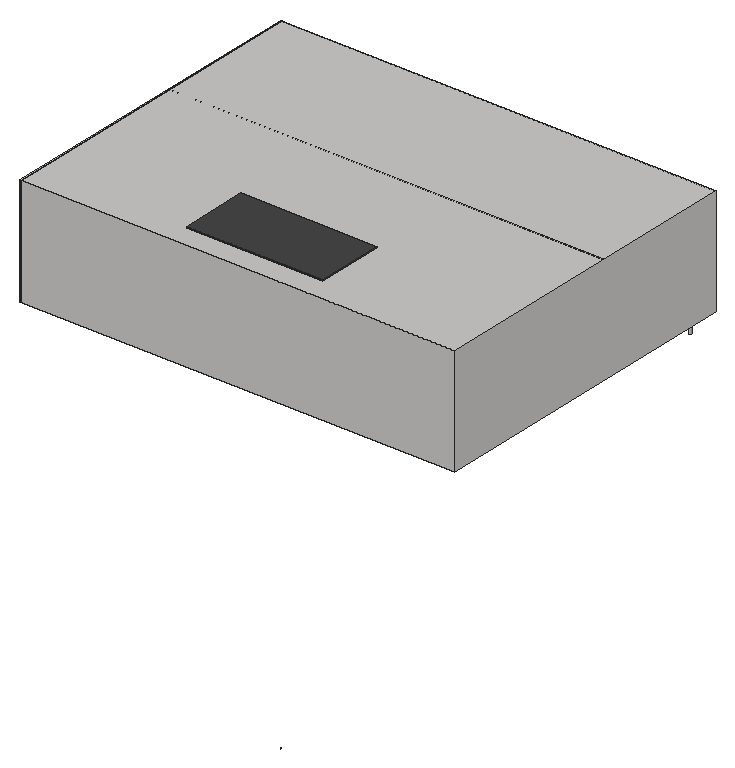
Revit family "QF_ELECTROLUXPROFESSIONAL_643321_DK1216", category Specialty Equipment, Revit 2014
Reference planes
  plane 1: z = 0
  plane 2 "Center (Left/Right)": x = 150
  plane 3 "LEFT": x = -650
  plane 4 "RIGHT": x = 950
  plane 5 "BACK": y = 550
  plane 6 "TOP": z = 2400
  plane 7 "Base": z = 2000
  plane 8: z = 1970
  plane 9 "DrainY": y = 450
  plane 10: x = -647
  plane 11: y = -320
  plane 12: y = -570
  plane 13 "DrainX": x = 937
  plane 14 "AOLeft2": x = 400
  plane 15: x = 947
  plane 16: x = -450
  plane 17: x = 750
  plane 18 "Center (Front/Back)": y = -50
  plane 19 "Front": y = -650
  plane 20 "AOLeft1": x = -100
Forms (mm)
  Extrusion 1, solid, material "QF_Finishes_Stainless Steel"
    sketch origin (-650, 0, 360) x (0, 1, 0) y (0, 0, 1)
      loop
        line (550, 1640) -> (550, 2040) -> (-650, 2040) -> (-650, 1640) -> (550, 1640)
    from 0 to 3
  Extrusion 2, solid, material "QF_Finishes_Stainless Steel"
    sketch origin (950, 0, 360) x (0, 1, 0) y (0, 0, 1)
      loop
        line (550, 1640) -> (550, 2040) -> (-650, 2040) -> (-650, 1640) -> (550, 1640)
    from 0 to -3
  Extrusion 3, solid, material "QF_Finishes_Stainless Steel"
    sketch origin (150, 0, 360) x (0, 1, 0) y (0, 0, 1)
      loop
        line (-650, 2040) -> (-650, 1640) -> (-640, 1640) -> (-640, 1640.8) -> (-649.2, 1640.8) -> (-649.2, 2039.19) -> (549.2, 2039.19) -> (549.2, 1640.8) -> (540, 1640.8) -> (540, 1640) -> (550, 1640) -> (550, 2040) -> (-650, 2040)
    from -800 to 800
  Extrusion 4, solid, material "QF_Finishes_Stainless Steel"
    sketch origin (0, 0, 2000) x (0, 1, 0) y (-1, 0, 0)
      loop
        circle (450, -937) r 4.763
    from -30 to 0
  Extrusion 5, solid, material "QF_Finishes_Black"
    sketch origin (0, 0, 2400) x (0, 1, 0) y (-1, 0, 0)
      loop
        line (-320, -400) -> (-320, 100) -> (-570, 100) -> (-570, -400) -> (-320, -400)
    from 5 to 0
  Extrusion 6, solid, material "QF_Finishes_Stainless Steel"
    sketch origin (0, 0, 0) x (1, 0, 0) y (0, 1, 0)
      loop
        line (-650, 550) -> (-650, 549) -> (-649, 549) -> (-649, 550) -> (-650, 550)
    from 0 to 1
  Sweep 7, solid, material "QF_Finishes_Stainless Steel"
    path origin (0, 0, 0) x (1, 0, 0) y (0, 1, 0)
      loop
        line (950, 550) -> (-650, 550) -> (-650, -650) -> (950, -650) -> (950, 550)
    profile origin (950, -50, 0) x (1, 0, 0) y (0, 0, 1)
      loop
        line (-3, 2000) -> (-3, 2000.8) -> (-19, 2000.8) -> (-19, 2010) -> (-20, 2010) -> (-20, 2000) -> (-3, 2000)
  Extrusion 8, solid, material "QF_Finishes_Stainless Steel"
    sketch origin (150, 0, 0) x (0, 1, 0) y (0, 0, 1)
      loop
        line (35, 2399.19) -> (34.2, 2399.19) -> (34.2, 2329.838) -> (-320.309, 2254.485) -> (-614.003, 2066.672) -> (-614.003, 2000.8) -> (-613.203, 2000.8) -> (-613.203, 2066.234) -> (-320, 2253.732) -> (35, 2329.19) -> (35, 2399.19)
    from -797 to 797
Cuts and joins
  joined: Extrusion 2, Extrusion 3, Sweep 7
Lines and regions (mm)
  symbolic lines, style "SpecialityEquipment", detail levels coarse
    curve 1: line (950, 550, 2400) -> (-650, 550, 2400)
    curve 2: line (-650, 550, 2400) -> (-650, -650, 2400)
    curve 3: line (950, -650, 2400) -> (950, 550, 2400)
    curve 4: line (-650, 550, 0) -> (950, -650, 0)
    curve 5: line (950, 550, 0) -> (-650, -650, 0)
    curve 6: line (-650, -650, 0) -> (950, -650, 0)
  symbolic lines, detail levels coarse
    curve 7: line (-100, -570, 0) -> (400, -570, 0)
    curve 8: line (-100, -320, 0) -> (-100, -570, 0)
    curve 9: line (400, -320, 0) -> (-100, -320, 0)
    curve 10: line (400, -570, 0) -> (400, -320, 0)
Dimensions and locks
  plane 3 "LEFT" to plane 4 "RIGHT" = 1600 mm
  equal spacing: plane 3 "LEFT", plane 2 "Center (Left/Right)", plane 4 "RIGHT"
  plane 7 "Base" to plane 8 = 30 mm
  plane 5 "BACK" to plane 9 "DrainY" = 100 mm  (x2)
  plane 3 "LEFT" to plane 10 = 3 mm
  plane 13 "DrainX" to plane 4 "RIGHT" = 13 mm
  plane 15 to plane 4 "RIGHT" = 3 mm
  plane 3 "LEFT" to plane 16 = 200 mm
  plane 17 to plane 4 "RIGHT" = 200 mm
  locked: plane 7 "Base" to level at 2000
  locked: plane 6 "TOP" to plane 7 "Base" at 400
  plane 5 "BACK" to plane 19 "Front" = 1200 mm  (x2)
  equal spacing: plane 5 "BACK", plane 18 "Center (Front/Back)", plane 19 "Front"
  plane 12 to plane 19 "Front" = 80 mm
  locked: plane 11 to plane 12 at 250
  locked: plane 20 "AOLeft1" to plane 14 "AOLeft2" at 500
  equal spacing: plane 20 "AOLeft1", plane 2 "Center (Left/Right)", plane 14 "AOLeft2"
  aligned and locked: level to plane 1
  aligned and locked: plane 4 "RIGHT" to Extrusion 3
  aligned and locked: Extrusion 3 to plane 3 "LEFT"
  aligned and locked: Extrusion 5 to plane 12
  aligned and locked: Extrusion 5 to plane 11
  aligned and locked: Extrusion 2 to plane 15
  aligned and locked: Extrusion 8 to plane 10
  aligned and locked: plane 15 to Extrusion 8
  aligned and locked: Extrusion 5 to plane 20 "AOLeft1"
  aligned and locked: Extrusion 5 to plane 14 "AOLeft2"
Automatic sketch dimensions
  Extrusion 1 sketch curve to plane 7 "Base" = 0 mm
  Extrusion 1 sketch curve to plane 19 "Front" = 0 mm
  Extrusion 1 sketch curve to plane 5 "BACK" = 0 mm
  Extrusion 1 sketch curve to plane 6 "TOP" = 0 mm
  Extrusion 2 sketch curve to plane 7 "Base" = 0 mm
  Extrusion 2 sketch curve to plane 19 "Front" = 0 mm
  Extrusion 2 sketch curve to plane 5 "BACK" = 0 mm
  Extrusion 2 sketch curve to plane 6 "TOP" = 0 mm
  Extrusion 3 sketch curve to plane 6 "TOP" = 0 mm
  Extrusion 3 sketch curve to plane 19 "Front" = 0 mm
  Extrusion 3 sketch curve to plane 7 "Base" = 0 mm  (x2)
  Extrusion 3 sketch curve to plane 5 "BACK" = 0 mm
  plane 19 "Front" to Extrusion 3 sketch curve = 0.8 mm
  Extrusion 3 sketch curve to Extrusion 3 sketch curve = 9.2 mm
  plane 7 "Base" to Extrusion 3 sketch curve = 0.8 mm  (x2)
  Extrusion 3 sketch curve to plane 5 "BACK" = 10 mm
  Extrusion 3 sketch curve to plane 5 "BACK" = 0.8 mm
  Extrusion 3 sketch curve to plane 6 "TOP" = 0.81 mm
  Extrusion 4 sketch curve to plane 9 "DrainY" = 0 mm
  Extrusion 4 sketch curve to plane 13 "DrainX" = 0 mm
  Extrusion 5 sketch curve to plane 12 = 0 mm
  plane 11 to Extrusion 5 sketch curve = 0 mm
  Extrusion 5 sketch curve to plane 14 "AOLeft2" = 0 mm
  Extrusion 5 sketch curve to plane 20 "AOLeft1" = 0 mm
  Extrusion 6 sketch curve to plane 3 "LEFT" = 0 mm
  Extrusion 6 sketch curve to plane 5 "BACK" = 0 mm
  plane 3 "LEFT" to Extrusion 6 sketch curve = 1 mm
  Extrusion 6 sketch curve to Extrusion 6 sketch curve = 1 mm
  Sweep 7 sketch curve to plane 3 "LEFT" = 0 mm
  Sweep 7 sketch curve to plane 4 "RIGHT" = 0 mm
  Sweep 7 sketch curve to plane 19 "Front" = 0 mm
  Sweep 7 sketch curve to plane 5 "BACK" = 0 mm
  profile plane to Sweep 7 sketch curve = 20 mm
  Sweep 7 sketch curve to Sweep 7 sketch curve = 1 mm
  profile plane to Sweep 7 sketch curve = 3 mm
  level to Sweep 7 sketch curve = 2000 mm
  Sweep 7 sketch curve to Sweep 7 sketch curve = 0.8 mm
  Sweep 7 sketch curve to Sweep 7 sketch curve = 9.2 mm
  curve 5 to plane 3 "LEFT" = 0 mm
  curve 4 to plane 3 "LEFT" = 0 mm
  curve 6 to plane 19 "Front" = 0 mm
  curve 5 to plane 4 "RIGHT" = 0 mm
  curve 6 to plane 4 "RIGHT" = 0 mm
  curve 5 to plane 5 "BACK" = 0 mm
  curve 4 to plane 5 "BACK" = 0 mm
  curve 2 to plane 3 "LEFT" = 0 mm
  curve 2 to plane 19 "Front" = 0 mm
  curve 3 to plane 4 "RIGHT" = 0 mm
  curve 3 to plane 19 "Front" = 0 mm
  curve 2 to plane 5 "BACK" = 0 mm
  Extrusion 8 sketch curve to plane 11 = 0 mm
  plane 11 to Extrusion 8 sketch curve = 0.309 mm
  plane 7 "Base" to Extrusion 8 sketch curve = 0.8 mm
  plane 19 "Front" to Extrusion 8 sketch curve = 36.797 mm
  Extrusion 8 sketch curve to Extrusion 8 sketch curve = 0.8 mm  (x2)
  plane 18 "Center (Front/Back)" to Extrusion 8 sketch curve = 84.2 mm
  Extrusion 8 sketch curve to Extrusion 8 sketch curve = 65.434 mm
  Extrusion 8 sketch curve to plane 6 "TOP" = 146.268 mm
  Extrusion 8 sketch curve to Extrusion 8 sketch curve = 0.752 mm
  Extrusion 8 sketch curve to plane 6 "TOP" = 70.81 mm
  Extrusion 8 sketch curve to Extrusion 8 sketch curve = 0.648 mm
  Extrusion 8 sketch curve to Extrusion 8 sketch curve = 0.438 mm
  Extrusion 8 sketch curve to plane 6 "TOP" = 0.81 mm
  curve 7 to plane 12 = 0 mm
  curve 7 to plane 20 "AOLeft1" = 0 mm
  plane 11 to curve 8 = 0 mm
  curve 9 to plane 14 "AOLeft2" = 0 mm
  radius of Extrusion 4 sketch curve = 4.763 mm
Connectors
  piping at (937, 450, 1970), diameter 9.5
    settings: on Extrusion 4, index 1, connector inside diameter 609.6 mm, connector length 0 mm, flow factor 0, pipe flow 0.0 L/s, pressure drop 0.0 Pa, fitting loss kfactor 0, connector angle 0.00°, fixture units 0, engagement length 0 mm, angle of deflection 0.00°, flow configuration 1, flow direction 2, fitting loss method 0, system type 16, joint type 0, gender type 0, connector reference index -1, connector utility 0, adjustable connector no, is connector primary yes, connector description "Drain"
  hvac at (150, -445, 2405)
    settings: on Extrusion 5, index 2, duct flow 0.0 L/s, flow factor 0, pres drop 0.0 Pa, loss coef 0, conn angle 0.00°, conn width 250 mm, conn height 500 mm, conn diameter 609.6 mm, duct sys type 3, conn prof type 1, flow config 1, flow direction 2, loss method 0, conn ref index -1, conn util no, is conn primary yes, conn desc "EXHAUST OUTLET"
